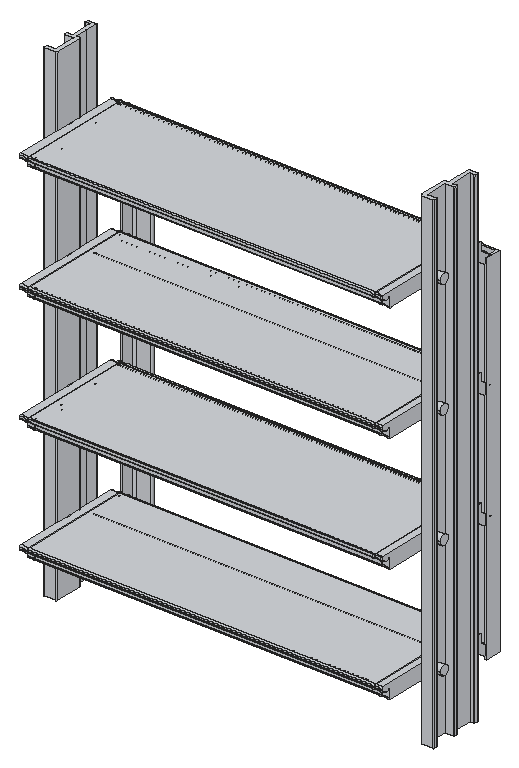
Revit family "95 BELLA VISTA KISS PIVOT PANEL)", category Generic Models, Revit 2018
Family settings
  Can host rebar = No
  Round Connector Dimension = Use Diameter
  Part Type = Normal
  Work Plane-Based = No
  Always vertical = Yes
  Cut with Voids When Loaded = No
  Shared = No
  Room Calculation Point = No
Parameters
  STEPPED CHANNEL [instance] = none
  SPACING [instance] = 90 mm  # constant formula
  LOUVRE BLADE ANGLE [instance] = 0.00°
  MIN LENGTH LIMIT [instance] = if(LENGTH < 100 mm, 100 mm, LENGTH)  # 300 mm
  LENGTH [instance] = 300 mm
  MIN HEIGHT LIMIT [instance] = if(HEIGHT < 198.1 mm, 198.1 mm, HEIGHT)  # 378.1 mm
  FIXED HEIGHT [instance] = NUMBER OF BLADES * 90 mm + 18.1 mm  # 378.1 mm
  HEIGHT [instance] = 378.1 mm
  END CAP [instance] = none
  DRIVE ARM [instance] = none
  NUMBER OF BLADES [instance] = if(rounddown((HEIGHT - 18.083 mm) / SPACING) < 2, 2, rounddown((HEIGHT - 18.083 mm) / SPACING))  # 4
  ANGLE RESTRICTIONS [instance] = if(LOUVRE BLADE ANGLE < 0.00°, 0.00°, if(LOUVRE BLADE ANGLE > 90.00°, 90.00°, LOUVRE BLADE ANGLE))  # 0.00°
  95 BELLA VISTA LOUVRE BLADE [instance] = none
Reference planes
  plane 1 "Center (Front/Back)": y = 0
  plane 2: z = 0
  plane 3 "Center (Left/Right)": x = 0
  plane 4: z = 48.505
  plane 5: z = 138.505
  plane 6: z = 378.1
  plane 7: x = -150
  plane 8: x = 150
  plane 9: z = 228.505
  plane 10: z = 318.505
Forms (mm)
  Extrusion 1, solid, material <- "STEPPED CHANNEL"
    sketch origin (338.996, 0, 0) x (1, 0, 0) y (0, 1, 0)
      loop
        line (-488.496, 28.052) -> (-485.196, 28.052) -> (-485.196, 11.348) -> (-488.496, 11.348)
        arc (-488.496, 11.348) -> (-488.849, 11.202) -> (-488.996, 10.848) r 0.5
        line (-488.996, 10.848) -> (-488.996, 8.848)
        arc (-488.996, 8.848) -> (-488.849, 8.494) -> (-488.496, 8.348) r 0.5
        line (-488.496, 8.348) -> (-481.996, 8.348) -> (-481.996, -8.348) -> (-488.496, -8.348)
        arc (-488.496, -8.348) -> (-488.849, -8.494) -> (-488.996, -8.848) r 0.5
        line (-488.996, -8.848) -> (-488.996, -10.814)
        arc (-488.996, -10.814) -> (-488.839, -11.192) -> (-488.461, -11.348) r 0.534
        line (-488.461, -11.348) -> (-479.996, -11.348)
        arc (-479.996, -11.348) -> (-479.289, -11.055) -> (-478.996, -10.348) r 1
        line (-478.996, -10.348) -> (-478.996, 10.348)
        arc (-478.996, 10.348) -> (-479.289, 11.055) -> (-479.996, 11.348) r 1
        line (-479.996, 11.348) -> (-482.196, 11.348) -> (-482.196, 20.45) -> (-482.91, 20.95) -> (-482.196, 21.45) -> (-482.196, 30.544)
        arc (-482.196, 30.544) -> (-482.344, 30.903) -> (-482.704, 31.052) r 0.508
        line (-482.704, 31.052) -> (-488.461, 31.052)
        arc (-488.461, 31.052) -> (-488.839, 30.895) -> (-488.996, 30.518) r 0.534
        line (-488.996, 30.518) -> (-488.996, 28.552)
        arc (-488.996, 28.552) -> (-488.849, 28.198) -> (-488.496, 28.052) r 0.5
    from 0 to 378.1
  Extrusion 2, solid, material <- "STEPPED CHANNEL"
    sketch origin (-338.996, 0, 0) x (-1, 0, 0) y (0, -1, 0)
      loop
        arc (-488.496, -28.052) -> (-488.849, -28.198) -> (-488.996, -28.552) r 0.5
        line (-488.996, -28.552) -> (-488.996, -30.518)
        arc (-488.996, -30.518) -> (-488.839, -30.895) -> (-488.461, -31.052) r 0.534
        line (-488.461, -31.052) -> (-482.704, -31.052)
        arc (-482.704, -31.052) -> (-482.344, -30.903) -> (-482.196, -30.544) r 0.508
        line (-482.196, -30.544) -> (-482.196, -21.45) -> (-482.91, -20.95) -> (-482.196, -20.45) -> (-482.196, -11.348) -> (-479.996, -11.348)
        arc (-479.996, -11.348) -> (-479.289, -11.055) -> (-478.996, -10.348) r 1
        line (-478.996, -10.348) -> (-478.996, 10.348)
        arc (-478.996, 10.348) -> (-479.289, 11.055) -> (-479.996, 11.348) r 1
        line (-479.996, 11.348) -> (-488.461, 11.348)
        arc (-488.461, 11.348) -> (-488.839, 11.192) -> (-488.996, 10.814) r 0.534
        line (-488.996, 10.814) -> (-488.996, 8.848)
        arc (-488.996, 8.848) -> (-488.849, 8.494) -> (-488.496, 8.348) r 0.5
        line (-488.496, 8.348) -> (-481.996, 8.348) -> (-481.996, -8.348) -> (-488.496, -8.348)
        arc (-488.496, -8.348) -> (-488.849, -8.494) -> (-488.996, -8.848) r 0.5
        line (-488.996, -8.848) -> (-488.996, -10.848)
        arc (-488.996, -10.848) -> (-488.849, -11.202) -> (-488.496, -11.348) r 0.5
        line (-488.496, -11.348) -> (-485.196, -11.348) -> (-485.196, -28.052) -> (-488.496, -28.052)
    from 0 to 378.1
Dimensions and locks
  equal spacing: group 1, group 2, group 3, group 4  (x3)
  "SPACING": plane 5 to plane 4
  "MIN HEIGHT LIMIT": plane 6 to plane 2
  equal spacing: plane 7, plane 3 "Center (Left/Right)", plane 8
  "MIN LENGTH LIMIT": plane 7 to plane 8
  locked: plane 7 to nested 3 at 10.6
  locked: plane 8 to nested 4 at 10.6
  aligned and locked: level to plane 2
  aligned and locked: plane 6 to Extrusion 1
  aligned and locked: plane 6 to Extrusion 2
Automatic sketch dimensions
  Extrusion 1 sketch curve to plane 7 = 0 mm  (x3)
  Extrusion 1 sketch curve to Extrusion 1 sketch curve = 0.5 mm  (x5)
  plane 7 to Extrusion 1 sketch curve = 0.5 mm
  plane 7 to Extrusion 1 sketch curve = 0.534 mm  (x2)
  Extrusion 1 sketch curve to Extrusion 1 sketch curve = 3.3 mm
  plane 7 to Extrusion 1 sketch curve = 6.086 mm
  Extrusion 1 sketch curve to Extrusion 1 sketch curve = 2.492 mm
  Extrusion 1 sketch curve to Extrusion 1 sketch curve = 3 mm
  Extrusion 1 sketch curve to Extrusion 1 sketch curve = 0.508 mm
  Extrusion 1 sketch curve to Extrusion 1 sketch curve = 6.5 mm
  Extrusion 1 sketch curve to Extrusion 1 sketch curve = 2.2 mm
  Extrusion 1 sketch curve to Extrusion 1 sketch curve = 2 mm  (x3)
  Extrusion 1 sketch curve to Extrusion 1 sketch curve = 1 mm
  plane 1 "Center (Front/Back)" to Extrusion 1 sketch curve = 11.348 mm
  Extrusion 1 sketch curve to Extrusion 1 sketch curve = 1.966 mm  (x2)
  Extrusion 1 sketch curve to plane 1 "Center (Front/Back)" = 8.348 mm
  Extrusion 1 sketch curve to Extrusion 1 sketch curve = 9.102 mm
  Extrusion 1 sketch curve to Extrusion 1 sketch curve = 6.602 mm
  Extrusion 2 sketch curve to plane 8 = 0 mm  (x3)
  Extrusion 2 sketch curve to Extrusion 2 sketch curve = 0.5 mm  (x5)
  plane 8 to Extrusion 2 sketch curve = 0.5 mm
  plane 8 to Extrusion 2 sketch curve = 0.534 mm  (x2)
  Extrusion 2 sketch curve to Extrusion 2 sketch curve = 3.3 mm
  plane 8 to Extrusion 2 sketch curve = 6.086 mm
  Extrusion 2 sketch curve to Extrusion 2 sketch curve = 2.492 mm
  Extrusion 2 sketch curve to Extrusion 2 sketch curve = 3 mm
  Extrusion 2 sketch curve to Extrusion 2 sketch curve = 0.508 mm
  Extrusion 2 sketch curve to Extrusion 2 sketch curve = 6.5 mm
  Extrusion 2 sketch curve to Extrusion 2 sketch curve = 2.2 mm
  Extrusion 2 sketch curve to Extrusion 2 sketch curve = 2 mm  (x3)
  Extrusion 2 sketch curve to Extrusion 2 sketch curve = 1 mm
  Extrusion 2 sketch curve to plane 1 "Center (Front/Back)" = 31.052 mm
  Extrusion 2 sketch curve to Extrusion 2 sketch curve = 1.966 mm
  Extrusion 2 sketch curve to Extrusion 2 sketch curve = 6.602 mm
  Extrusion 2 sketch curve to Extrusion 2 sketch curve = 9.102 mm
  Extrusion 2 sketch curve to Extrusion 2 sketch curve = 0 mm
  plane 1 "Center (Front/Back)" to Extrusion 2 sketch curve = 8.348 mm
Nested families
  nested 1: "BLADE 1" at (0, 0, 48.505), type "BLADE 1"
  nested 2: "BLADE 1" at (0, 0, 138.505), type "BLADE 1"
  nested 3: "DRIVE ARM 1" at (-139.4, 0, -55.077), type "DRIVE ARM 1"
  nested 4: "DRIVE ARM 1" at (139.4, 0, -55.077) x (-1, 0, 0) z (0, 0, 1), type "DRIVE ARM 1"
  nested 5: "BLADE 1" at (0, 0, 228.505), type "BLADE 1"
  nested 6: "BLADE 1" at (0, 0, 318.505), type "BLADE 1"
Definition of nested family "BLADE 1"
  Parameters (values of type "BLADE 1")
    LENGTH = 300 mm
    END CAP = none
    ANGLE = 0.00°
    95 BELLA VISTA LOUVRE BLADE = none
  Reference planes
    plane 1 "Center (Front/Back)": y = 0
    plane 2: z = 0
    plane 3 "Center (Left/Right)": x = 0
  Lines and regions (mm)
    reference lines
      curve 1: line (0, 0, 0) -> (0, -30, 0)
  Dimensions and locks
    "ANGLE": angle curve 1 to plane 2
    aligned and locked: level to plane 2
    aligned and locked: plane 1 "Center (Front/Back)" to curve 1
    aligned and locked: plane 2 to curve 1
  Nested families
    nested 1: "95 BELLA VISTA BLADE AND END CAP" at (0, 0, 0), type "95 BELLA VISTA BLADE AND END CAP"
  Definition of nested family "95 BELLA VISTA BLADE AND END CAP"
    Parameters (values of type "95 BELLA VISTA BLADE AND END CAP")
      LENGTH = 300 mm
      END CAP = none
      Default Elevation = 1219.2 mm
      95 BELLA VISTA LOUVRE BLADE = none
    Reference planes
      plane 1 "Center (Front/Back)": y = 0
      plane 2: z = 0
      plane 3 "Center (Left/Right)": x = 0
      plane 4: x = -133.4
      plane 5: x = 133.4
      plane 6: x = -150
      plane 7: x = 150
    Forms (mm)
      Extrusion 1, solid, material <- "END CAP"
        sketch origin (-133.4, 0, 0) x (0, 1, 0) y (0, 0, -1)
          loop
            line (36.372, 5.673) -> (-39.61, 5.673)
            arc (-39.61, 5.673) -> (-40.243, 5.411) -> (-40.505, 4.777) r 0.896
            line (-40.505, 4.777) -> (-40.505, -2.577) -> (-42.234, -2.577)
            arc (-42.234, -2.577) -> (-43.657, -1.154) -> (-45.08, -2.577) r 1.423
            line (-45.08, -2.577) -> (-46.987, -2.577)
            arc (-46.987, -2.577) -> (-47.353, -2.729) -> (-47.505, -3.096) r 0.519
            line (-47.505, -3.096) -> (-47.505, -4.92)
            arc (-47.505, -4.92) -> (-47.283, -5.455) -> (-46.748, -5.677) r 0.757
            line (-46.748, -5.677) -> (39.553, -5.677)
            arc (39.553, -5.677) -> (40.219, -5.401) -> (40.495, -4.735) r 0.942
            line (40.495, -4.735) -> (40.495, -1.177) -> (46.922, -1.177)
            arc (46.922, -1.177) -> (47.327, -1.009) -> (47.495, -0.604) r 0.573
            line (47.495, -0.604) -> (47.495, 4.916) -> (57.085, 11.631)
            arc (57.085, 11.631) -> (58.182, 12.882) -> (58.577, 14.498) r 3.5
            arc (58.577, 14.498) -> (56.694, 17.602) -> (53.07, 17.365) r 3.5
            line (53.07, 17.365) -> (36.372, 5.673)
          loop
            circle (55.077, 14.498) r 1.012
        from 0 to 6
      Extrusion 2, solid, material <- "END CAP"
        sketch origin (-139.4, 0, 0) x (0, 1, 0) y (0, 0, -1)
          loop
            circle (0, 0) r 5.582
        from 0 to 0.6
      Extrusion 3, solid, material <- "95 BELLA VISTA LOUVRE BLADE"
        sketch origin (124.995, 0, 0) x (0, 1, 0) y (0, 0, -1)
          loop
            line (-39.205, 4.373) -> (-39.205, -4.377) -> (-15.655, -4.377) -> (-15.655, -2.931)
            arc (-15.655, -2.931) -> (-16.424, -2.645) -> (-17.087, -2.162) r 3
            arc (-17.087, -2.162) -> (-17.104, -1.243) -> (-16.185, -1.226) r 0.65
            arc (-16.185, -1.226) -> (-13.305, -0.002) -> (-16.185, 1.222) r 1.7
            arc (-16.185, 1.222) -> (-17.104, 1.239) -> (-17.087, 2.158) r 0.65
            arc (-17.087, 2.158) -> (-16.424, 2.641) -> (-15.655, 2.927) r 3
            line (-15.655, 2.927) -> (-15.655, 4.373) -> (-39.205, 4.373)
          loop
            arc (-14.355, 2.927) -> (-12.005, -0.002) -> (-14.355, -2.931) r 3
            line (-14.355, -2.931) -> (-14.355, -4.377) -> (14.345, -4.377) -> (14.345, -2.931)
            arc (14.345, -2.931) -> (11.995, -0.002) -> (14.345, 2.927) r 3
            line (14.345, 2.927) -> (14.345, 4.373) -> (-14.355, 4.373) -> (-14.355, 2.927)
          loop
            line (-46.748, -5.677) -> (39.564, -5.677)
            arc (39.564, -5.677) -> (40.222, -5.404) -> (40.495, -4.746) r 0.931
            line (40.495, -4.746) -> (40.495, -1.177) -> (46.922, -1.177)
            arc (46.922, -1.177) -> (47.327, -1.009) -> (47.495, -0.604) r 0.573
            line (47.495, -0.604) -> (47.495, 4.916)
            arc (47.495, 4.916) -> (47.273, 5.451) -> (46.738, 5.673) r 0.757
            line (46.738, 5.673) -> (-39.61, 5.673)
            arc (-39.61, 5.673) -> (-40.243, 5.411) -> (-40.505, 4.777) r 0.896
            line (-40.505, 4.777) -> (-40.505, -2.577) -> (-41.755, -2.577)
            arc (-41.755, -2.577) -> (-42.155, -2.977) -> (-41.755, -3.377) r 0.4
            line (-41.755, -3.377) -> (-40.905, -3.377) -> (-40.905, -4.677) -> (-46.505, -4.677) -> (-46.505, -3.377) -> (-45.555, -3.377)
            arc (-45.555, -3.377) -> (-45.155, -2.977) -> (-45.555, -2.577) r 0.4
            line (-45.555, -2.577) -> (-47.005, -2.577)
            arc (-47.005, -2.577) -> (-47.359, -2.724) -> (-47.505, -3.077) r 0.5
            line (-47.505, -3.077) -> (-47.505, -4.92)
            arc (-47.505, -4.92) -> (-47.283, -5.455) -> (-46.748, -5.677) r 0.757
          loop
            line (15.645, -4.377) -> (38.681, -4.377)
            arc (38.681, -4.377) -> (39.044, -4.227) -> (39.195, -3.864) r 0.514
            line (39.195, -3.864) -> (39.195, -0.438)
            arc (39.195, -0.438) -> (39.359, -0.041) -> (39.755, 0.123) r 0.561
            line (39.755, 0.123) -> (45.624, 0.123)
            arc (45.624, 0.123) -> (46.028, 0.29) -> (46.195, 0.694) r 0.571
            line (46.195, 0.694) -> (46.195, 4.373) -> (15.645, 4.373) -> (15.645, 2.927)
            arc (15.645, 2.927) -> (16.414, 2.641) -> (17.077, 2.158) r 3
            arc (17.077, 2.158) -> (17.094, 1.239) -> (16.175, 1.222) r 0.65
            arc (16.175, 1.222) -> (13.295, -0.002) -> (16.175, -1.226) r 1.7
            arc (16.175, -1.226) -> (17.094, -1.243) -> (17.077, -2.162) r 0.65
            arc (17.077, -2.162) -> (16.414, -2.645) -> (15.645, -2.931) r 3
            line (15.645, -2.931) -> (15.645, -4.377)
        from -8.405 to 258.395
      Extrusion 4, solid, material <- "END CAP"
        sketch origin (-140, 0, 0) x (0, 1, 0) y (0, 0, -1)
          loop
            circle (0, 0) r 3.482
        from 0 to 9
      Extrusion 5, solid, material <- "END CAP"
        sketch origin (133.4, 0, 0) x (0, -1, 0) y (0, 0, -1)
          loop
            line (-36.372, 5.673) -> (-53.07, 17.365)
            arc (-53.07, 17.365) -> (-56.694, 17.602) -> (-58.577, 14.498) r 3.5
            arc (-58.577, 14.498) -> (-58.182, 12.882) -> (-57.085, 11.631) r 3.5
            line (-57.085, 11.631) -> (-47.495, 4.916) -> (-47.495, -0.604)
            arc (-47.495, -0.604) -> (-47.327, -1.009) -> (-46.922, -1.177) r 0.573
            line (-46.922, -1.177) -> (-40.495, -1.177) -> (-40.495, -4.735)
            arc (-40.495, -4.735) -> (-40.219, -5.401) -> (-39.553, -5.677) r 0.942
            line (-39.553, -5.677) -> (46.748, -5.677)
            arc (46.748, -5.677) -> (47.283, -5.455) -> (47.505, -4.92) r 0.757
            line (47.505, -4.92) -> (47.505, -3.096)
            arc (47.505, -3.096) -> (47.353, -2.729) -> (46.987, -2.577) r 0.519
            line (46.987, -2.577) -> (45.08, -2.577)
            arc (45.08, -2.577) -> (43.657, -1.154) -> (42.234, -2.577) r 1.423
            line (42.234, -2.577) -> (40.505, -2.577) -> (40.505, 4.777)
            arc (40.505, 4.777) -> (40.243, 5.411) -> (39.61, 5.673) r 0.896
            line (39.61, 5.673) -> (-36.372, 5.673)
          loop
            circle (-55.077, 14.498) r 1.012
        from 0 to 6
      Extrusion 6, solid, material <- "END CAP"
        sketch origin (139.4, 0, 0) x (0, -1, 0) y (0, 0, -1)
          loop
            circle (0, 0) r 5.582
        from 0 to 0.6
      Extrusion 7, solid, material <- "END CAP"
        sketch origin (140, 0, 0) x (0, -1, 0) y (0, 0, -1)
          loop
            circle (0, 0) r 3.482
        from 0 to 9
    Dimensions and locks
      locked: plane 6 to plane 4 at 16.6
      locked: plane 5 to plane 7 at 16.6
      equal spacing: plane 6, plane 3 "Center (Left/Right)", plane 7
      "LENGTH": plane 6 to plane 7
      aligned and locked: level to plane 2
      aligned and locked: Extrusion 3 to plane 4
      aligned and locked: Extrusion 3 to plane 5
    Automatic sketch dimensions
      Extrusion 2 sketch curve to Extrusion 2 sketch curve = 0 mm  (x2)
      Extrusion 2 sketch curve to Extrusion 1 = 1.177 mm
      Extrusion 2 sketch curve to Extrusion 1 = 40.495 mm
      Extrusion 2 sketch curve to Extrusion 2 sketch curve = 5.582 mm
      Extrusion 3 sketch curve to Extrusion 3 sketch curve = 0 mm  (x34)
      level to Extrusion 3 sketch curve = 3.077 mm
      plane 1 "Center (Front/Back)" to Extrusion 3 sketch curve = 47.505 mm
      Extrusion 3 sketch curve to Extrusion 3 sketch curve = 0.5 mm
      Extrusion 3 sketch curve to Extrusion 3 sketch curve = 0.757 mm  (x2)
      Extrusion 3 sketch curve to Extrusion 3 sketch curve = 0.243 mm
      Extrusion 3 sketch curve to Extrusion 3 sketch curve = 0.95 mm
      Extrusion 3 sketch curve to Extrusion 3 sketch curve = 3.8 mm
      Extrusion 3 sketch curve to Extrusion 3 sketch curve = 0.85 mm
      Extrusion 3 sketch curve to Extrusion 3 sketch curve = 0.4 mm  (x2)
      Extrusion 3 sketch curve to Extrusion 3 sketch curve = 0.896 mm
      Extrusion 3 sketch curve to Extrusion 3 sketch curve = 0.404 mm  (x2)
      Extrusion 3 sketch curve to level = 1.69 mm  (x2)
      plane 1 "Center (Front/Back)" to Extrusion 3 sketch curve = 16.636 mm
      Extrusion 3 sketch curve to Extrusion 3 sketch curve = 0.981 mm  (x4)
      level to Extrusion 3 sketch curve = 0.002 mm  (x2)
      Extrusion 3 sketch curve to Extrusion 3 sketch curve = 1.631 mm
      Extrusion 3 sketch curve to Extrusion 3 sketch curve = 1.3 mm  (x5)
      level to Extrusion 3 sketch curve = 4.377 mm
      Extrusion 3 sketch curve to plane 1 "Center (Front/Back)" = 14.345 mm
      Extrusion 3 sketch curve to Extrusion 3 sketch curve = 0.65 mm
      level to Extrusion 3 sketch curve = 3.864 mm
      Extrusion 3 sketch curve to Extrusion 3 sketch curve = 22.056 mm
      level to Extrusion 3 sketch curve = 0.438 mm
      Extrusion 3 sketch curve to Extrusion 3 sketch curve = 0.514 mm
      Extrusion 3 sketch curve to Extrusion 3 sketch curve = 0.883 mm  (x2)
      Extrusion 3 sketch curve to level = 0.123 mm
      Extrusion 3 sketch curve to Extrusion 3 sketch curve = 0.739 mm
      Extrusion 3 sketch curve to Extrusion 3 sketch curve = 5.129 mm
      Extrusion 3 sketch curve to Extrusion 3 sketch curve = 0.571 mm
      Extrusion 3 sketch curve to Extrusion 3 sketch curve = 0.543 mm
      level to Extrusion 3 sketch curve = 0.604 mm
      Extrusion 3 sketch curve to Extrusion 3 sketch curve = 1.298 mm
      level to Extrusion 3 sketch curve = 4.677 mm
      Extrusion 3 sketch curve to Extrusion 3 sketch curve = 0.3 mm  (x2)
      Extrusion 3 sketch curve to Extrusion 3 sketch curve = 1.446 mm  (x3)
      Extrusion 3 sketch curve to Extrusion 3 sketch curve = 1.237 mm  (x2)
      Extrusion 3 sketch curve to Extrusion 3 sketch curve = 3.679 mm
      Extrusion 3 sketch curve to level = 4.373 mm
      Extrusion 3 sketch curve to Extrusion 3 sketch curve = 0.451 mm  (x2)
      Extrusion 6 sketch curve to Extrusion 6 sketch curve = 0 mm  (x2)
      Extrusion 6 sketch curve to Extrusion 5 = 1.177 mm
      Extrusion 6 sketch curve to Extrusion 5 = 40.495 mm
      Extrusion 6 sketch curve to Extrusion 6 sketch curve = 5.582 mm
      Extrusion 1 sketch curve to Extrusion 1 sketch curve = 0 mm  (x14)
      Extrusion 3 to Extrusion 1 sketch curve = 0 mm
      Extrusion 1 sketch curve to Extrusion 3 = 0 mm
      Extrusion 1 sketch curve to Extrusion 3 = 0.281 mm
      Extrusion 3 to Extrusion 1 sketch curve = 1.425 mm
      Extrusion 1 sketch curve to Extrusion 1 sketch curve = 1.423 mm
      Extrusion 3 to Extrusion 1 sketch curve = 2.823 mm
      Extrusion 1 sketch curve to Extrusion 3 = 0.058 mm
      Extrusion 3 to Extrusion 1 sketch curve = 5.575 mm
      Extrusion 1 sketch curve to Extrusion 1 sketch curve = 2.008 mm  (x2)
      Extrusion 3 to Extrusion 1 sketch curve = 5.958 mm
      Extrusion 1 sketch curve to Extrusion 3 = 0.543 mm
      Extrusion 1 sketch curve to Extrusion 1 sketch curve = 2.867 mm
      Extrusion 1 sketch curve to Extrusion 1 sketch curve = 1.012 mm
      Extrusion 5 sketch curve to Extrusion 5 sketch curve = 0 mm  (x14)
      Extrusion 5 sketch curve to Extrusion 3 = 0 mm
      Extrusion 3 to Extrusion 5 sketch curve = 0 mm
      Extrusion 3 to Extrusion 5 sketch curve = 5.575 mm
      Extrusion 5 sketch curve to Extrusion 5 sketch curve = 2.008 mm  (x2)
      Extrusion 3 to Extrusion 5 sketch curve = 5.958 mm
      Extrusion 5 sketch curve to Extrusion 3 = 0.358 mm
      Extrusion 3 to Extrusion 5 sketch curve = 2.823 mm
      Extrusion 3 to Extrusion 5 sketch curve = 1.329 mm
      Extrusion 5 sketch curve to Extrusion 5 sketch curve = 1.423 mm
      Extrusion 5 sketch curve to Extrusion 3 = 0.281 mm
      Extrusion 5 sketch curve to Extrusion 3 = 0.543 mm
      Extrusion 5 sketch curve to Extrusion 5 sketch curve = 2.867 mm
      Extrusion 5 sketch curve to Extrusion 5 sketch curve = 1.012 mm
      radius of Extrusion 4 sketch curve to Extrusion 2 = 2.1 mm
      radius of Extrusion 7 sketch curve to Extrusion 6 = 2.1 mm
      radius of Extrusion 1 sketch curve to Extrusion 3 = 0 mm  (x3)
      radius of Extrusion 5 sketch curve to Extrusion 3 = 0 mm  (x3)
Definition of nested family "DRIVE ARM 1"
  Parameters (values of type "DRIVE ARM 1")
    HEIGHT = 378.1 mm
    DRIVE ARM = none
    ANGLE = 0.00°
  Reference planes
    plane 1 "Center (Front/Back)": y = 0
    plane 2: z = 0
    plane 3 "Center (Left/Right)": x = 0
  Lines and regions (mm)
    reference lines
      curve 1: line (0, 0, 0) -> (0, -55, 0)
  Dimensions and locks
    "ANGLE": angle plane 2 to curve 1
    aligned and locked: level to plane 2
    aligned and locked: plane 1 "Center (Front/Back)" to curve 1
    aligned and locked: plane 2 to curve 1
  Nested families
    nested 1: "DRIVE ARM" at (0, -55.077, -14.498), type "DRIVE ARM"
  Definition of nested family "DRIVE ARM"
    Parameters (values of type "DRIVE ARM")
      SPACING = 90 mm  # constant formula
      HEIGHT = 378.1 mm
      Default Elevation = 1219.2 mm
      DRIVE ARM = none
      ARRAY = if(rounddown((HEIGHT - 18.1 mm) / SPACING) < 2, 2, rounddown((HEIGHT - 18.1 mm) / SPACING))  # 4
      ARM HEIGHT = (ARRAY * SPACING) - 83 mm  # 277 mm
    Reference planes
      plane 1 "Center (Front/Back)": y = 0
      plane 2: z = 0
      plane 3 "Center (Left/Right)": x = 0
      plane 4: z = 378.1
      plane 5: z = 100.083
      plane 6: z = 48.505
      plane 7: z = 138.505
      plane 8: z = 228.505
      plane 9: z = 377.083
      plane 10: z = 318.505
    Forms (mm)
      Extrusion 1, solid, material <- "DRIVE ARM"
        sketch origin (-11.604, 8.001, 0) x (-1, 0, 0) y (0, -1, 0)
          loop
            line (-22.845, 0) -> (-10.004, 0) -> (-10.004, 12) -> (-11.604, 12) -> (-11.604, 3.202)
            arc (-11.604, 3.202) -> (-12.073, 2.07) -> (-13.205, 1.601) r 1.601
            line (-13.205, 1.601) -> (-24.804, 1.601)
            arc (-24.804, 1.601) -> (-25.916, -0.053) -> (-23.964, -0.457) r 1.201
            arc (-23.964, -0.457) -> (-23.449, -0.119) -> (-22.845, 0) r 1.6
        from 377.083 to 100.083
    Dimensions and locks
      "HEIGHT": plane 4 to plane 2
      equal spacing: group 1, group 2, group 3, group 4  (x3)
      "SPACING": plane 6 to plane 7
      "ARM HEIGHT": plane 5 to plane 9
      aligned and locked: level to plane 2
      aligned and locked: plane 5 to Extrusion 1
      aligned and locked: Extrusion 1 to plane 9
    Automatic sketch dimensions
      Extrusion 1 sketch curve to plane 3 "Center (Left/Right)" = 0 mm
      plane 3 "Center (Left/Right)" to Extrusion 1 sketch curve = 1.601 mm
      Extrusion 1 sketch curve to Extrusion 1 sketch curve = 9.64 mm
      Extrusion 1 sketch curve to Extrusion 1 sketch curve = 1.96 mm
      Extrusion 1 sketch curve to plane 3 "Center (Left/Right)" = 1.599 mm
      Extrusion 1 sketch curve to plane 1 "Center (Front/Back)" = 9.601 mm
      Extrusion 1 sketch curve to plane 1 "Center (Front/Back)" = 8.001 mm
      Extrusion 1 sketch curve to Extrusion 1 sketch curve = 0.401 mm
      Extrusion 1 sketch curve to Extrusion 1 sketch curve = 1.601 mm
      plane 1 "Center (Front/Back)" to Extrusion 1 sketch curve = 3.999 mm
